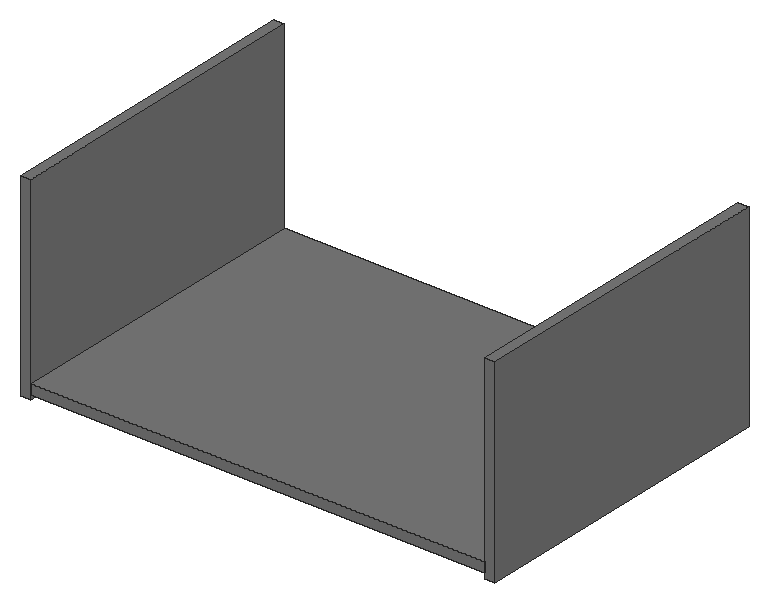
Revit family "M_Sistema de mobiliário-armazenamento-prateleira-suspensa", category Sistema de mobiliário, Revit 2019
Family settings
  Cota do conector redondo = Utilizar diâmetro
  Tipo de parte = Normal
  Número OmniClass = 23.40.70.14.64.21
  Título OmniClass = Systems Furniture
  Com base no plano de trabalho = Não
  Sempre na vertical = Sim
  Corte com vazios quando carregada = Não
  Compartilhado = Não
  Ponto de cálculo do ambiente = Não
Parameters (values of type "600 x 400 x 250mm")
  Largura = 600 mm
  Comentários de tipos = "Prateleira suspensa de 600 x 400 x 250 mm"
  Model = ""
  Manufacturer = ""
  Altura = 250 mm
  Description = ""
  Linear = 400 mm
  Material da prateleira [instance] = Metal – Pintado – Preto
Types (5, lengths in mm): name | Largura | Comentários de tipos
  750 x 400 x 250mm | 750 | "Prateleira suspensa de 750 x 400 x 250 mm"
  600 x 400 x 250mm | 600 | "Prateleira suspensa de 600 x 400 x 250 mm"
  900 x 400 x 250mm | 900 | "Prateleira suspensa de 900 x 400 x 250 mm"
  1050 x 400 x 250mm | 1050 | "Prateleira suspensa de 1050 x 400 x 250 mm"
  1200 x 400 x 250mm | 1200 | "Prateleira suspensa de 1200 x 400 x 250 mm"
Reference planes
  plane 1 "Centro (Frente/Trás)": y = 381
  plane 2: z = 0
  plane 3 "Centro (Esquerda/Direita)": x = 0
  plane 4 "Esquerda": x = -300
  plane 5 "Direita": x = 300
  plane 6 "Parte frontal": y = -19
  plane 7 "Superior": z = 250
  plane 8: z = 19.05
  plane 9: x = -287.3
  plane 10: x = 287.3
  plane 11: z = 6.35
Forms (mm)
  Extrusion 1, solid, material "Metal – Pintado – Preto" <- "Material da prateleira"
    sketch origin (0, 558.8, 0) x (1, 0, 0) y (0, 1, 0)
      loop
        line (-287.3, -177.8) -> (-287.3, -577.8) -> (287.3, -577.8) -> (287.3, -177.8) -> (-287.3, -177.8)
    from 6.35 to 19.05
  Extrusion 2, solid, material "Metal – Pintado – Preto" <- "Material da prateleira"
    sketch origin (0, -19, 0) x (-1, 0, 0) y (0, 0, 1)
      loop
        line (300, 250) -> (287.3, 250) -> (287.3, 0) -> (300, 0) -> (300, 250)
      loop
        line (-287.3, 250) -> (-300, 250) -> (-300, 0) -> (-287.3, 0) -> (-287.3, 250)
    from 0 to 400
Lines and regions (mm)
  Masking region 1
    outline origin (0, 558.8, 0) x (1, 0, 0) y (0, 1, 0)
      loop
        line (-300, -177.8) -> (-300, -577.8) -> (300, -577.8) -> (300, -177.8) -> (-300, -177.8)
  symbolic lines, style "Armazenamento"
    curve 1: line (-287.3, 381, 431.8) -> (-287.3, -19, 431.8)
    curve 2: line (287.3, 381, 431.8) -> (287.3, -19, 431.8)
Dimensions and locks
  "Largura": plane 4 "Esquerda" to plane 5 "Direita"
  "Linear": plane 6 "Parte frontal" to plane 1 "Centro (Frente/Trás)"
  equal spacing: plane 4 "Esquerda", plane 3 "Centro (Esquerda/Direita)", plane 5 "Direita"
  "Altura": plane 7 "Superior" to plane 2
  plane 8 to plane 2 = 19.05 mm
  locked: plane 4 "Esquerda" to plane 9 at 12.7
  locked: plane 5 "Direita" to plane 10 at 12.7
  locked: plane 11 to plane 2 at 6.35
  aligned and locked: plane 1 "Centro (Frente/Trás)" to Extrusion 1 sketch curve
  aligned and locked: level to plane 2
  aligned and locked: plane 1 "Centro (Frente/Trás)" to Masking region 1 sketch curve
  aligned and locked: Masking region 1 sketch curve to plane 5 "Direita"
  aligned and locked: plane 4 "Esquerda" to Masking region 1 sketch curve
  aligned: Extrusion 1 to plane 2
  aligned: plane 7 "Superior" to Extrusion 1
  aligned and locked: plane 8 to Extrusion 1
  aligned and locked: Extrusion 2 sketch curve to plane 7 "Superior"  (x2)
  aligned and locked: Extrusion 2 sketch curve to plane 9
  aligned and locked: plane 4 "Esquerda" to Extrusion 2 sketch curve
  aligned and locked: plane 2 to Extrusion 2 sketch curve  (x2)
  aligned and locked: plane 10 to Extrusion 2 sketch curve
  aligned and locked: Extrusion 2 sketch curve to plane 5 "Direita"
  aligned and locked: Extrusion 2 to plane 1 "Centro (Frente/Trás)"
  aligned and locked: Extrusion 1 to plane 6 "Parte frontal"
  aligned and locked: Extrusion 2 to plane 6 "Parte frontal"
  aligned and locked: Extrusion 1 to plane 11
  aligned and locked: Extrusion 1 sketch curve to plane 9
  aligned and locked: Extrusion 1 sketch curve to plane 10
  aligned and locked: plane 1 "Centro (Frente/Trás)" to curve 1
  aligned and locked: plane 1 "Centro (Frente/Trás)" to curve 2
  aligned and locked: plane 6 "Parte frontal" to curve 2
  aligned and locked: plane 6 "Parte frontal" to curve 1
  aligned and locked: plane 9 to curve 1
  aligned and locked: curve 2 to plane 10
Automatic sketch dimensions
  Masking region 1 sketch curve to plane 6 "Parte frontal" = 0 mm
  Extrusion 1 sketch curve to plane 6 "Parte frontal" = 0 mm
